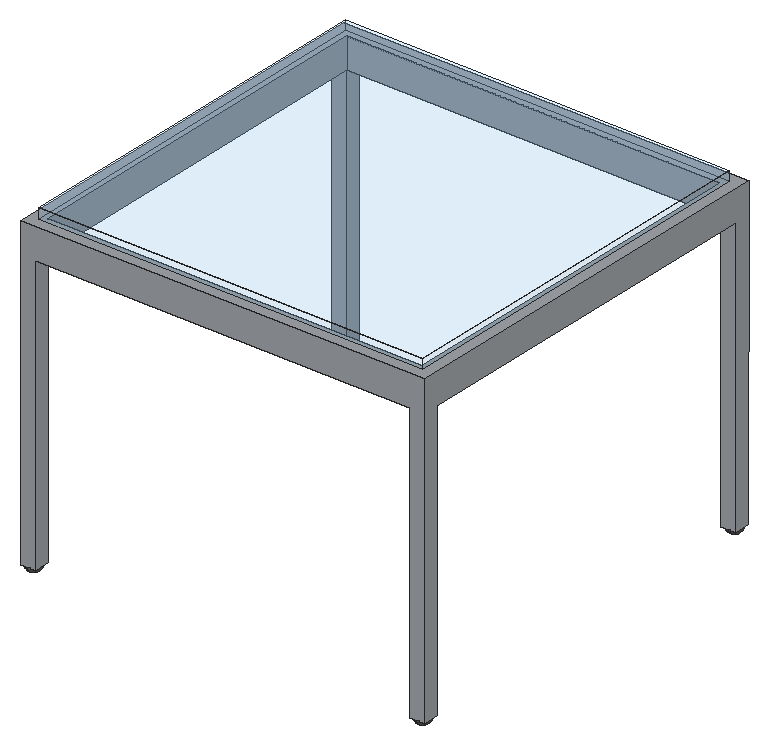
Revit family
Parameters
  URL = "http://www.martinbrattrud.com"
  Table Top [instance] = none
  SCS Certified Product = "Yes"
  Model = "Braemar 784-20SL"
  Manufacturer = "Martin Brattrud, Inc."
  Leg [instance] = none
  Keynote = "125000"
  Foot [instance] = none
  Copyright = "© 2013 Martin Brattrud, Inc."
  Authoring Version = "Revit Architecture 2010"
  Assembly Code = "E2020200"
Reference planes (in)
  plane 1 "Center Front/Back": y = 0
  plane 2: z = 0
  plane 3 "Center Left/Right": x = 0
Forms (in)
  Extrusion 1, solid, material <- "Table Top"
    sketch origin (0, 0, 0) x (1, 0, 0) y (0, 1, 0)
      loop
        line (-9.5, 9.5) -> (-9.5, -9.5) -> (9.5, -9.5) -> (9.5, 9.5) -> (-9.5, 9.5)
    from 15.5 to 16
  Extrusion 2, solid, material <- "Leg"
    sketch origin (0, 0, 0) x (0, 1, 0) y (0, 0, 1)
      loop
        line (10, 0.25) -> (10, 15.5) -> (-10, 15.5) -> (-10, 0.25) -> (-9.25, 0.25) -> (-9.25, 13.975) -> (9.25, 13.975) -> (9.25, 0.25) -> (10, 0.25)
    from 9.25 to 10
  Extrusion 3, solid, material <- "Leg"
    sketch origin (0, 0, 0) x (0, 1, 0) y (0, 0, 1)
      loop
        line (10, 15.5) -> (9.25, 15.5) -> (9.25, 13.975) -> (10, 13.975) -> (10, 15.5)
      loop
        line (-10, 15.5) -> (-10, 13.975) -> (-9.25, 13.975) -> (-9.25, 15.5) -> (-10, 15.5)
    from -9.25 to 9.25
  Extrusion 4, solid, material <- "Leg"
    sketch origin (0, 0, 0) x (0, 1, 0) y (0, 0, -1)
      loop
        line (10, -0.25) -> (9.25, -0.25) -> (9.25, -13.975) -> (-9.25, -13.975) -> (-9.25, -0.25) -> (-10, -0.25) -> (-10, -15.5) -> (10, -15.5) -> (10, -0.25)
    from 9.25 to 10
  Revolve 5, solid, material <- "Foot"
    sketch origin (-9.62195, 9.25085, 48.00105) x (0, -1, 0) y (0, 0, -1)
      loop
        line (19.00198, 48) -> (18.8767, 48) -> (18.8767, 47.75) -> (19.2517, 47.75)
        arc (19.2517, 47.75) -> (19.17858, 47.92668) -> (19.00198, 48) r 0.25
      axis (18.8767, 48) -> (18.8767, 47.75)
    angle from 0 to 360
  Revolve 6, solid, material <- "Foot"
    sketch origin (9.62195, 9.25085, 48.00105) x (0, -1, 0) y (0, 0, 1)
      loop
        arc (19.00198, -48) -> (19.17858, -47.92668) -> (19.2517, -47.75) r 0.25
        line (19.2517, -47.75) -> (18.8767, -47.75) -> (18.8767, -48) -> (19.00198, -48)
      axis (18.8767, -48) -> (18.8767, -47.75)
    angle from 0 to 360
  Revolve 7, solid, material <- "Foot"
    sketch origin (-9.62195, -9.25085, 48.00105) x (0, 1, 0) y (0, 0, 1)
      loop
        arc (19.00198, -48) -> (19.17858, -47.92668) -> (19.2517, -47.75) r 0.25
        line (19.2517, -47.75) -> (18.8767, -47.75) -> (18.8767, -48) -> (19.00198, -48)
      axis (18.8767, -48) -> (18.8767, -47.75)
    angle from 0 to 360
  Revolve 8, solid, material <- "Foot"
    sketch origin (9.62195, -9.25085, 48.00105) x (0, 1, 0) y (0, 0, -1)
      loop
        line (19.00198, 48) -> (18.8767, 48) -> (18.8767, 47.75) -> (19.2517, 47.75)
        arc (19.2517, 47.75) -> (19.17858, 47.92668) -> (19.00198, 48) r 0.25
      axis (18.8767, 48) -> (18.8767, 47.75)
    angle from 0 to 360
Cuts and joins
  joined: Extrusion 2, Extrusion 3, Extrusion 4
